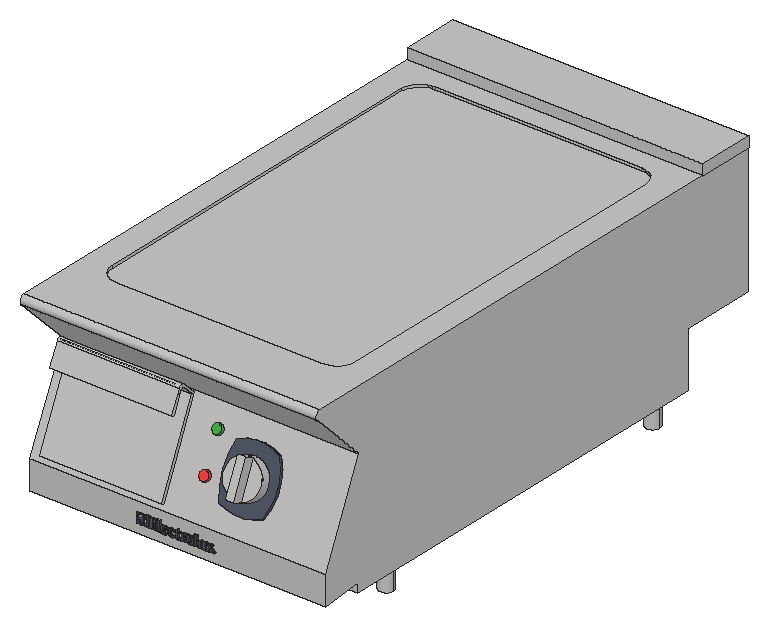
Revit family "QF_ELECTROLUXPROFESSIONAL_Professional_371321_E7IIKIAOMCA", category Specialty Equipment, Revit 2018
Family settings
  Round Connector Dimension = Use Diameter
  Part Type = Normal
  Work Plane-Based = No
  Always vertical = Yes
  Cut with Voids When Loaded = No
  Shared = No
  Room Calculation Point = No
Parameters
  Width = 400.05 mm  # constant formula
  Weight in Pounds = 104  # constant formula
  Watts = 3900 VA  # 3900 W
  Volts = 230 V  # constant formula
  URL Cutsheet = "www.electrolux.com/foodservice"
  URL = "www.electrolux.com/foodservice"
  Type Mark [instance] = ""
  Status [instance] = ""
  Specification by User [instance] = ""
  Specification by Manufacturer = ""
  Show Logo [instance] = yes
  Show Clearance [instance] = yes
  Serial Number = ""
  Seismic Rating = ""
  SMACNA No = ""
  Revision Code [instance] = ""
  Phase = 3  # constant formula
  Omniclass Number and Title = ""
  Number of Poles [instance] = 1
  NAFEM Spec ID Number = ""
  Model = "371198"
  Min Ckt Ampacity = 0 A
  Max Overcurrent Protection = 0 A
  Masterspec = ""
  Manufacturer = "ELECTROLUX"
  Item Number [instance] = ""
  Installed By [instance] = ""
  Identify Quantity as Lot [instance] = yes
  Height = 289 mm  # constant formula
  HP = "5.2 HP"
  Furnished By [instance] = ""
  Foodservice Equipment Identifier [instance] = yes
  FL Amps = if(Phase = 3, Watts / (Volts * 1.73), Watts / Volts)  # 9.80146 A
  Electrical Remarks [instance] = "230 V/3 ph/50/60 Hz"  # constant formula
  Electric Connection Type [instance] = ""
  Elec Conn RI Height [instance] = 0 mm
  Elec Conn Connection Height [instance] = 0 mm
  Direct Waste Size = 0"
  Description = "700XP Half Module Electric Fry Top, Smooth Plate, Mild Steel - 230V"
  Depth = 730.25 mm  # constant formula
  Cycle [instance] = if([60 Hertz Option], 60 Hz, 50 Hz)  # 60 Hz
  Conn Plug = ""
  Conn Conduit = yes
  CSI MasterFormat = ""
  CSI Master Format = ""
  Base Height [instance] = 25.4 mm  # constant formula
  Apparent Power = if(Phase = 3, Volts * FL Amps * 1.73, Volts * FL Amps)  # 3900 VA
  60 Hertz Option [instance] = not([50 Hertz Option])  # yes
  50 Hertz Option [instance] = no
Reference planes
  plane 1 "BACK": y = 0
  plane 2: z = 0
  plane 3 "LEFT": x = 0
  plane 4 "RIGHT": x = 400.05
  plane 5 "FRONT": y = -730.25
  plane 6 "TOP": z = 289
  plane 7 "Center Y": x = 200.025
  plane 8 "Center X": y = -365.125
  plane 9 "BASE": z = 25.4
  plane 10: y = -597.884
  plane 11: y = -147.637
Forms (mm)
  Extrusion 1, solid, material "QF_Finishes_Clearance", visible <- "Show Clearance", detail levels coarse
    sketch origin (0, 0, 0) x (1, 0, 0) y (0, 1, 0)
      loop
        line (0, -730.25) -> (0, 0) -> (400.05, 0) -> (400.05, -730.25) -> (550.069, -730.25) -> (550.069, 150.019) -> (-150.019, 150.019) -> (-150.019, -730.25) -> (0, -730.25)
    from 0 to 289
  Extrusion 2, solid, material "QF_Finishes_Stainless Steel"
    sketch origin (0, 0, 0) x (0, 1, 0) y (0, 0, 1)
      loop
        line (0, 275) -> (-723.497, 275)
        arc (-723.497, 275) -> (-729.729, 270.836) -> (-728.267, 263.485) r 6.745
        line (-728.267, 263.485) -> (-657.416, 192.634) -> (-713.772, 70.59) -> (-713.772, 32.49) -> (-660.4, 38.1) -> (-660.4, 25.4) -> (-101.6, 25.4) -> (-101.6, 100.012) -> (0, 100.012) -> (0, 275)
    from 0 to 400.05
  Extrusion 3, void
    sketch origin (0, -2.381, 275.4) x (-1, 0, 0) y (0, -1, 0)
      loop
        arc (-60.425, 102.504) -> (-42.464, 109.943) -> (-35.025, 127.904) r 25.4
        line (-35.025, 127.904) -> (-35.025, 617.104)
        arc (-35.025, 617.104) -> (-42.464, 635.064) -> (-60.425, 642.504) r 25.4
        line (-60.425, 642.504) -> (-339.625, 642.504)
        arc (-339.625, 642.504) -> (-357.586, 635.064) -> (-365.025, 617.104) r 25.4
        line (-365.025, 617.104) -> (-365.025, 127.904)
        arc (-365.025, 127.904) -> (-357.586, 109.943) -> (-339.625, 102.504) r 25.4
        line (-339.625, 102.504) -> (-60.425, 102.504)
    from 0 to -3.2
  Extrusion 4, solid, material "QF_Finishes_Stainless Steel"
    sketch origin (0, 0, 0) x (1, 0, 0) y (0, 1, 0)
      loop
        circle (11.112, -147.638) r 9.525
      loop
        circle (11.112, -597.884) r 9.525
      loop
        circle (388.937, -147.638) r 9.525
      loop
        circle (388.937, -597.884) r 9.525
    from 0 to 25.4
  Extrusion 5, solid, material "QF_Finishes_Navy Blue"
    sketch origin (115.456, -713.772, 70.59) x (0, 0.419232, 0.907879) y (-1, 0, 0)
      loop
        arc (102.26, -132.62) -> (66.843, -125.139) -> (31.333, -132.16) r 90.355
        arc (31.333, -132.16) -> (24.504, -161.269) -> (31.333, -190.378) r 65.456
        arc (31.333, -190.378) -> (66.877, -199.452) -> (102.26, -189.765) r 71.728
        arc (102.26, -189.765) -> (108.852, -161.193) -> (102.26, -132.62) r 65.22
    from 0 to 3.175
  Extrusion 6, solid, material "QF_Finishes_Stainless Steel"
    sketch origin (115.456, -717.486, 70.121) x (0, 0.419232, 0.907879) y (-1, 0, 0)
      loop
        circle (68.826, -160.963) r 25.4
    from 0 to 12.7
  Extrusion 7, solid, material "QF_Finishes_Stainless Steel"
    sketch origin (115.456, -729.016, 75.445) x (0, 0.419232, 0.907879) y (-1, 0, 0)
      loop
        arc (93.558, -166.749) -> (94.226, -160.963) -> (93.558, -155.177) r 25.4
        line (93.558, -155.177) -> (44.094, -155.177)
        arc (44.094, -155.177) -> (43.426, -160.963) -> (44.094, -166.749) r 25.4
        line (44.094, -166.749) -> (93.558, -166.749)
    from 0 to 12.7
  Extrusion 8, solid, material "QF_Finishes_Navy Blue", visible <- "Show Logo"
    sketch origin (-142.26, -713.772, 37.253) x (0, 0, 1) y (-1, 0, 0)
      loop
        line (20.674, -296.698) -> (8.307, -296.698)
        arc (8.307, -296.698) -> (14.491, -301.27) -> (20.674, -296.698) r 6.467
      loop
        arc (20.674, -296.069) -> (19.505, -290.926) -> (14.849, -288.448) r 6.338
        line (14.849, -288.448) -> (14.849, -290.494)
        arc (14.849, -290.494) -> (16.333, -294.149) -> (19.778, -296.069) r 5.941
        line (19.778, -296.069) -> (20.674, -296.069)
      loop
        arc (9.203, -296.069) -> (12.648, -294.149) -> (14.132, -290.494) r 5.941
        line (14.132, -290.494) -> (14.132, -288.448)
        arc (14.132, -288.448) -> (9.438, -290.922) -> (8.148, -296.069) r 6.504
        line (8.148, -296.069) -> (9.203, -296.069)
      loop
        line (21.349, -287.979) -> (7.604, -287.979) -> (7.604, -301.742) -> (21.349, -301.742) -> (21.349, -287.979)
      loop
        arc (21.432, -304.71) -> (21.085, -304.352) -> (20.718, -304.69) r 0.358
        arc (20.718, -304.69) -> (20.404, -305.44) -> (19.687, -305.825) r 1.216
        line (19.687, -305.825) -> (9.274, -305.825)
        arc (9.274, -305.825) -> (8.614, -305.548) -> (8.218, -304.951) r 1.238
        arc (8.218, -304.951) -> (7.823, -304.7) -> (7.518, -305.054) r 0.358
        line (7.518, -305.054) -> (7.518, -314.933) -> (10.269, -314.933) -> (10.269, -314.036)
        arc (10.269, -314.036) -> (9.36, -313.456) -> (8.904, -312.479) r 1.928
        line (8.904, -312.479) -> (8.904, -309.98)
        arc (8.904, -309.98) -> (9.18, -309.251) -> (9.868, -308.887) r 1.101
        line (9.868, -308.887) -> (13.955, -308.887) -> (13.955, -312.561)
        arc (13.955, -312.561) -> (13.602, -313.058) -> (13.037, -313.286) r 1.083
        arc (13.037, -313.286) -> (12.773, -313.591) -> (13.065, -313.869) r 0.292
        line (13.065, -313.869) -> (16.028, -313.869)
        arc (16.028, -313.869) -> (16.33, -313.596) -> (16.092, -313.266) r 0.305
        arc (16.092, -313.266) -> (15.601, -313.018) -> (15.296, -312.561) r 1.083
        line (15.296, -312.561) -> (15.296, -308.887) -> (19.973, -308.887) -> (19.973, -312.635)
        arc (19.973, -312.635) -> (19.759, -313.39) -> (19.153, -313.888) r 1.314
        arc (19.153, -313.888) -> (18.934, -314.292) -> (19.288, -314.585) r 0.361
        line (19.288, -314.585) -> (21.432, -314.585) -> (21.432, -304.71)
      loop
        arc (20.715, -315.365) -> (20.335, -316.284) -> (19.416, -316.664) r 1.299
        line (19.416, -316.664) -> (9.837, -316.664)
        arc (9.837, -316.664) -> (8.999, -316.286) -> (8.728, -315.408) r 1.118
        line (8.728, -315.408) -> (7.518, -315.408) -> (7.518, -320.758) -> (8.706, -320.758)
        arc (8.706, -320.758) -> (8.978, -319.841) -> (9.848, -319.445) r 1.153
        line (9.848, -319.445) -> (21.92, -319.445) -> (20.715, -315.365)
      loop
        line (12.483, -323.394) -> (12.483, -329.842) -> (13.282, -329.842)
        arc (13.282, -329.842) -> (15.862, -328.857) -> (17.131, -326.404) r 3.874
        line (17.131, -326.404) -> (17.131, -324.643)
        arc (17.131, -324.643) -> (15.944, -321.778) -> (13.08, -320.592) r 4.051
        line (13.08, -320.592) -> (11.072, -320.592)
        arc (11.072, -320.592) -> (8.253, -322.077) -> (7.202, -325.084) r 4.352
        arc (7.202, -325.084) -> (7.566, -327.547) -> (8.943, -329.621) r 5.713
        line (8.943, -329.621) -> (9.892, -329.621)
        arc (9.892, -329.621) -> (9.16, -328.052) -> (8.943, -326.334) r 5.579
        arc (8.943, -326.334) -> (9.737, -324.371) -> (11.616, -323.394) r 3.057
        line (11.616, -323.394) -> (12.483, -323.394)
      loop
        line (13.742, -323.394) -> (13.742, -326.977)
        arc (13.742, -326.977) -> (15.199, -327.024) -> (16.082, -325.864) r 1.59
        line (16.082, -325.864) -> (16.082, -325.034)
        arc (16.082, -325.034) -> (15.217, -323.779) -> (13.742, -323.394) r 2.184
      loop
        arc (16.533, -339.259) -> (17.022, -337.585) -> (17.179, -335.848) r 9.023
        line (17.179, -335.848) -> (17.179, -334.486)
        arc (17.179, -334.486) -> (16.02, -331.686) -> (13.22, -330.527) r 3.959
        line (13.22, -330.527) -> (10.62, -330.527)
        arc (10.62, -330.527) -> (8.338, -331.819) -> (7.221, -334.192) r 4.331
        line (7.221, -334.192) -> (7.221, -336.327)
        arc (7.221, -336.327) -> (7.729, -337.877) -> (8.651, -339.223) r 5.772
        arc (8.651, -339.223) -> (9.412, -339.274) -> (9.499, -338.515) r 0.553
        arc (9.499, -338.515) -> (9.111, -337.781) -> (8.977, -336.962) r 2.573
        line (8.977, -336.962) -> (8.977, -335.447)
        arc (8.977, -335.447) -> (9.983, -333.806) -> (11.798, -333.163) r 2.884
        line (11.798, -333.163) -> (13.077, -333.163)
        arc (13.077, -333.163) -> (14.898, -333.723) -> (15.824, -335.388) r 2.554
        line (15.824, -335.388) -> (15.824, -336.441)
        arc (15.824, -336.441) -> (15.493, -337.369) -> (14.836, -338.104) r 2.564
        arc (14.836, -338.104) -> (14.614, -338.821) -> (15.223, -339.259) r 0.643
        line (15.223, -339.259) -> (16.533, -339.259)
      loop
        line (15.515, -339.53) -> (15.515, -341.031) -> (9.467, -341.031)
        arc (9.467, -341.031) -> (7.879, -341.688) -> (7.221, -343.276) r 2.246
        line (7.221, -343.276) -> (7.221, -344.86)
        arc (7.221, -344.86) -> (7.535, -345.725) -> (8.035, -346.496) r 4.06
        arc (8.035, -346.496) -> (8.768, -346.629) -> (9.019, -345.928) r 0.576
        arc (9.019, -345.928) -> (8.913, -345.403) -> (8.977, -344.87) r 1.69
        arc (8.977, -344.87) -> (9.519, -344.082) -> (10.425, -343.779) r 1.506
        line (10.425, -343.779) -> (15.563, -343.779) -> (15.563, -346.176) -> (16.119, -346.733) -> (16.941, -346.733) -> (16.941, -343.873) -> (20.172, -343.873) -> (15.515, -339.53)
      loop
        line (7.438, -347.63) -> (7.438, -353.017) -> (8.548, -353.017)
        arc (8.548, -353.017) -> (8.942, -352.066) -> (9.893, -351.672) r 1.345
        line (9.893, -351.672) -> (13.509, -351.672)
        arc (13.509, -351.672) -> (14.274, -352.264) -> (14.564, -353.186) r 1.615
        line (14.564, -353.186) -> (14.564, -354.742) -> (17.119, -355.427) -> (17.119, -354.044) -> (15.177, -351.485) -> (17.057, -351.485) -> (16.773, -348.779)
        arc (16.773, -348.779) -> (16.333, -348.249) -> (15.674, -348.45) r 0.621
        arc (15.674, -348.45) -> (15.274, -348.792) -> (14.78, -348.975) r 1.501
        line (14.78, -348.975) -> (9.893, -348.975)
        arc (9.893, -348.975) -> (8.942, -348.581) -> (8.548, -347.63) r 1.345
        line (8.548, -347.63) -> (7.438, -347.63)
      loop
        line (13.54, -354.964) -> (10.848, -354.964)
        arc (10.848, -354.964) -> (8.403, -356.272) -> (7.269, -358.803) r 4.288
        arc (7.269, -358.803) -> (7.205, -360.183) -> (7.269, -361.563) r 15.022
        arc (7.269, -361.563) -> (8.403, -364.094) -> (10.848, -365.401) r 4.288
        line (10.848, -365.401) -> (13.54, -365.401)
        arc (13.54, -365.401) -> (15.986, -364.094) -> (17.119, -361.563) r 4.288
        arc (17.119, -361.563) -> (17.183, -360.183) -> (17.119, -358.803) r 15.022
        arc (17.119, -358.803) -> (15.986, -356.272) -> (13.54, -354.964) r 4.288
      loop
        line (13.745, -358.078) -> (10.643, -358.078)
        arc (10.643, -358.078) -> (8.486, -360.235) -> (10.643, -362.392) r 2.157
        line (10.643, -362.392) -> (13.745, -362.392)
        arc (13.745, -362.392) -> (15.902, -360.235) -> (13.745, -358.078) r 2.157
      loop
        arc (20.726, -365.26) -> (20.355, -366.154) -> (19.461, -366.524) r 1.264
        line (19.461, -366.524) -> (9.597, -366.524)
        arc (9.597, -366.524) -> (8.727, -366.127) -> (8.455, -365.211) r 1.153
        line (8.455, -365.211) -> (7.518, -365.211) -> (7.518, -370.319) -> (8.446, -370.319)
        arc (8.446, -370.319) -> (8.805, -369.547) -> (9.597, -369.232) r 1.153
        line (9.597, -369.232) -> (21.92, -369.232) -> (20.726, -365.26)
      loop
        arc (15.846, -369.857) -> (15.647, -370.921) -> (14.678, -371.403) r 1.215
        line (14.678, -371.403) -> (9.658, -371.403)
        arc (9.658, -371.403) -> (8.043, -372.051) -> (7.322, -373.634) r 2.338
        line (7.322, -373.634) -> (7.322, -375.148)
        arc (7.322, -375.148) -> (7.497, -376.152) -> (7.999, -377.038) r 2.979
        line (7.999, -377.038) -> (7.518, -378.835) -> (7.518, -380.524) -> (16.943, -380.524) -> (16.649, -376.32) -> (15.863, -376.32)
        arc (15.863, -376.32) -> (15.507, -377.156) -> (14.755, -377.665) r 1.605
        line (14.755, -377.665) -> (9.652, -377.665)
        arc (9.652, -377.665) -> (9.232, -376.728) -> (9.159, -375.704) r 2.94
        arc (9.159, -375.704) -> (9.72, -374.603) -> (10.873, -374.16) r 1.724
        line (10.873, -374.16) -> (17.07, -374.16) -> (15.846, -369.857)
      loop
        line (16.874, -381.377) -> (15.202, -383.423) -> (12.028, -385.729) -> (8.572, -382.617)
        arc (8.572, -382.617) -> (8.335, -382.223) -> (8.357, -381.764) r 0.789
        line (8.357, -381.764) -> (7.518, -381.764) -> (7.518, -385.309) -> (8.344, -385.309)
        arc (8.344, -385.309) -> (8.686, -384.947) -> (9.176, -385.039) r 0.52
        line (9.176, -385.039) -> (10.976, -386.51) -> (8.858, -387.886)
        arc (8.858, -387.886) -> (8.457, -387.576) -> (8.37, -387.076) r 0.7
        line (8.37, -387.076) -> (7.518, -387.076) -> (7.518, -393.003) -> (8.405, -393.003)
        arc (8.405, -393.003) -> (8.472, -392.344) -> (8.866, -391.813) r 1.247
        line (8.866, -391.813) -> (13.066, -388.532) -> (15.513, -390.585) -> (16.874, -392.327) -> (16.874, -388.604) -> (15.389, -389.026) -> (13.868, -387.749) -> (15.568, -386.559) -> (16.874, -387.336) -> (16.874, -381.377)
    from 0 to 1.644
  Extrusion 9, solid, material "QF_Finishes_Stainless Steel"
    sketch origin (0, -101.6, 100.012) x (0, 0, -1) y (-1, 0, 0)
      loop
        circle (39.612, -348.05) r 12.7
    from 0 to 3.175
  Extrusion 10, solid, material "QF_Finishes_Stainless Steel"
    sketch origin (0, 0, 0) x (0, 1, 0) y (0, 0, 1)
      loop
        line (-658.831, 189.959) -> (-675.238, 206.366)
        arc (-675.238, 206.366) -> (-679.705, 207.768) -> (-683.409, 204.904) r 5.058
        line (-683.409, 204.904) -> (-696.071, 177.394) -> (-693.187, 176.066) -> (-680.525, 203.576)
        arc (-680.525, 203.576) -> (-679.146, 204.643) -> (-677.483, 204.121) r 1.883
        line (-677.483, 204.121) -> (-662.64, 189.278) -> (-713.474, 78.833) -> (-710.589, 77.505) -> (-658.831, 189.959)
    from 12.7 to 177.8
  Extrusion 11, solid, material "QF_Finishes_Drawer Clearance", visible <- "Show Clearance", detail levels coarse
    sketch origin (0, -101.6, 0) x (0, 1, 0) y (0, 0, 1)
      loop
        line (-660.751, 176.066) -> (-648.089, 203.576)
        arc (-648.089, 203.576) -> (-646.71, 204.643) -> (-645.046, 204.121) r 1.883
        line (-645.046, 204.121) -> (-630.204, 189.278) -> (-681.037, 78.833) -> (-678.153, 77.505) -> (-608.989, 77.505) -> (-557.231, 189.959) -> (-573.638, 206.366)
        arc (-573.638, 206.366) -> (-574.873, 207.273) -> (-576.323, 207.768) r 5.058
        line (-576.323, 207.768) -> (-647.269, 207.768)
        arc (-647.269, 207.768) -> (-649.472, 206.79) -> (-650.973, 204.904) r 5.058
        line (-650.973, 204.904) -> (-663.635, 177.394) -> (-660.751, 176.066)
    from 12.7 to 177.8
  Extrusion 12, solid, material "QF_Finishes_Green"
    sketch origin (129.198, -709.817, 79.155) x (0, 0.419232, 0.907879) y (-1, 0, 0)
      loop
        circle (94.749, -90.848) r 6.35
    from 0 to 3.175
  Extrusion 13, solid, material "QF_Finishes_Red"
    sketch origin (129.198, -731.78, 31.593) x (0, 0.419232, 0.907879) y (-1, 0, 0)
      loop
        circle (95.112, -90.848) r 6.35
    from 0 to 3.175
  Extrusion 14, solid, material "QF_Finishes_Stainless Steel"
    sketch origin (0, 0, 0) x (0, 1, 0) y (0, 0, 1)
      loop
        line (0, 274.638) -> (0, 288.925) -> (-76.2, 288.925) -> (-76.2, 274.638) -> (0, 274.638)
    from 0 to 400.05
Cuts and joins
  Extrusion 3 cuts Extrusion 1
  Extrusion 3 cuts Extrusion 2
Lines and regions (mm)
  symbolic lines, style "QF-Clearances", visible <- "Show Clearance", detail levels coarse
    curve 1: line (-150.019, 150.019, 276.225) -> (-150.019, -730.25, 276.225)
    curve 2: line (550.069, 150.019, 276.225) -> (-150.019, 150.019, 276.225)
    curve 3: line (550.069, -730.25, 276.225) -> (550.069, 150.019, 276.225)
  symbolic lines
    curve 4: line (0, 0, 276.225) -> (400.05, 0, 276.225)
    curve 5: line (0, -730.25, 276.225) -> (0, 0, 276.225)
    curve 6: line (400.05, 0, 276.225) -> (400.05, -730.25, 276.225)
    curve 7: line (35.025, -130.285, 276.225) -> (35.025, -619.485, 276.225)
    curve 8: arc (35.025, -619.485, 276.225) -> (42.464, -637.445, 276.225) -> (60.425, -644.885, 276.225) r 25.4
    curve 9: arc (339.625, -644.885, 276.225) -> (357.586, -637.445, 276.225) -> (365.025, -619.485, 276.225) r 25.4
    curve 10: line (365.025, -619.485, 276.225) -> (365.025, -130.285, 276.225)
    curve 11: line (339.625, -104.885, 276.225) -> (60.425, -104.885, 276.225)
    curve 12: line (0, -69.85, 276.225) -> (400.05, -69.85, 276.225)
    curve 13: line (400.05, -730.25, 276.225) -> (0, -730.25, 276.225)
    curve 14: arc (60.425, -104.885, 276.225) -> (42.464, -112.324, 276.225) -> (35.025, -130.285, 276.225) r 25.4
    curve 15: arc (339.625, -104.885, 276.225) -> (357.586, -112.324, 276.225) -> (365.025, -130.285, 276.225) r 25.4
    curve 16: line (60.425, -644.885, 276.225) -> (339.625, -644.885, 276.225)
  symbolic lines, style "QF_Drawer Clearance", visible <- "Show Clearance", detail levels coarse
    curve 17: line (12.7, -730.25, 276.225) -> (12.7, -782.637, 276.225)
    curve 18: line (12.7, -782.637, 276.225) -> (177.8, -782.637, 276.225)
    curve 19: line (177.8, -782.637, 276.225) -> (177.8, -730.25, 276.225)
Dimensions and locks
  equal spacing: plane 3 "LEFT", plane 7 "Center Y", plane 4 "RIGHT"
  "Width": plane 3 "LEFT" to plane 4 "RIGHT"
  equal spacing: plane 5 "FRONT", plane 8 "Center X", plane 1 "BACK"
  "Depth": plane 5 "FRONT" to plane 1 "BACK"
  plane 1 "BACK" to plane 5 "FRONT" = 730.25 mm
  "Base Height": plane 9 "BASE" to level
  plane 9 "BASE" to level = 25.4 mm
  "Height": plane 6 "TOP" to level
  plane 4 "RIGHT" to Extrusion 9 sketch curve = 52 mm
  Extrusion 9 sketch curve to plane 9 "BASE" = 35 mm
  aligned and locked: level to plane 2
  aligned and locked: plane 6 "TOP" to Extrusion 1
Automatic sketch dimensions
  plane 1 "BACK" to Extrusion 1 sketch curve = 0 mm
  Extrusion 1 sketch curve to plane 3 "LEFT" = 0 mm
  Extrusion 1 sketch curve to plane 4 "RIGHT" = 0 mm
  Extrusion 1 sketch curve to plane 3 "LEFT" = 150.019 mm
  plane 5 "FRONT" to Extrusion 1 sketch curve = 0 mm  (x2)
  plane 4 "RIGHT" to Extrusion 1 sketch curve = 150.019 mm
  Extrusion 1 sketch curve to plane 1 "BACK" = 150.019 mm
  Extrusion 3 sketch curve to plane 4 "RIGHT" = 35.025 mm
  Extrusion 3 sketch curve to Extrusion 3 sketch curve = 25.4 mm  (x3)
  Extrusion 3 sketch curve to plane 11 = 17.353 mm
  plane 3 "LEFT" to Extrusion 3 sketch curve = 60.425 mm  (x2)
  plane 10 to Extrusion 3 sketch curve = 21.6 mm
  plane 10 to Extrusion 4 sketch curve = 0 mm  (x2)
  plane 11 to Extrusion 4 sketch curve = 0 mm  (x2)
  plane 3 "LEFT" to Extrusion 4 sketch curve = 11.112 mm  (x2)
  Extrusion 4 sketch curve to plane 4 "RIGHT" = 11.113 mm  (x2)
  Extrusion 5 sketch curve to Extrusion 2 = 31.333 mm  (x2)
  Extrusion 5 sketch curve to Extrusion 5 sketch curve = 12.3 mm  (x3)
  Extrusion 5 sketch curve to Extrusion 5 sketch curve = 34.925 mm  (x2)
  Extrusion 5 sketch curve to Extrusion 5 sketch curve = 23.703 mm
  Extrusion 2 to Extrusion 5 sketch curve = 69.101 mm
  Extrusion 5 sketch curve to Extrusion 5 sketch curve = 25.114 mm
  Extrusion 5 sketch curve to Extrusion 5 sketch curve = 25.727 mm
  Extrusion 5 sketch curve to Extrusion 5 sketch curve = 28.496 mm
  Extrusion 7 sketch curve to Extrusion 7 sketch curve = 24.732 mm
  Extrusion 7 sketch curve to Extrusion 7 sketch curve = 0 mm
  Extrusion 8 sketch curve to Extrusion 2 = 6.923 mm
  Extrusion 8 sketch curve to Extrusion 2 = 11.964 mm
  Extrusion 8 sketch curve to Extrusion 2 = 11.983 mm
  Extrusion 8 sketch curve to Extrusion 8 sketch curve = 0 mm  (x28)
  Extrusion 8 sketch curve to Extrusion 8 sketch curve = 5.108 mm  (x2)
  Extrusion 8 sketch curve to Extrusion 2 = 12.085 mm
  Extrusion 8 sketch curve to Extrusion 8 sketch curve = 0.218 mm
  Extrusion 8 sketch curve to Extrusion 8 sketch curve = 0.195 mm
  Extrusion 8 sketch curve to Extrusion 8 sketch curve = 0.249 mm
  Extrusion 8 sketch curve to Extrusion 2 = 12.28 mm
  Extrusion 8 sketch curve to Extrusion 8 sketch curve = 0.087 mm
  Extrusion 8 sketch curve to Extrusion 8 sketch curve = 0.358 mm
  Extrusion 8 sketch curve to Extrusion 8 sketch curve = 0.481 mm
  Extrusion 8 sketch curve to Extrusion 8 sketch curve = 0.597 mm
  Extrusion 8 sketch curve to Extrusion 8 sketch curve = 0.544 mm
  Extrusion 8 sketch curve to Extrusion 8 sketch curve = 0.936 mm
  Extrusion 8 sketch curve to Extrusion 8 sketch curve = 0.594 mm
  Extrusion 8 sketch curve to Extrusion 8 sketch curve = 0.343 mm
  Extrusion 8 sketch curve to Extrusion 8 sketch curve = 0.159 mm
  Extrusion 8 sketch curve to Extrusion 8 sketch curve = 0.826 mm
  Extrusion 8 sketch curve to Extrusion 8 sketch curve = 0.839 mm
  Extrusion 8 sketch curve to Extrusion 8 sketch curve = 0.852 mm
  Extrusion 8 sketch curve to Extrusion 8 sketch curve = 0.887 mm
  Extrusion 8 sketch curve to Extrusion 8 sketch curve = 0.928 mm
  Extrusion 8 sketch curve to Extrusion 8 sketch curve = 0.938 mm
  Extrusion 8 sketch curve to Extrusion 8 sketch curve = 0.444 mm
  Extrusion 8 sketch curve to Extrusion 8 sketch curve = 1.11 mm  (x3)
  Extrusion 8 sketch curve to Extrusion 8 sketch curve = 0.215 mm
  Extrusion 8 sketch curve to Extrusion 8 sketch curve = 1.43 mm
  Extrusion 8 sketch curve to Extrusion 8 sketch curve = 1.188 mm
  Extrusion 8 sketch curve to Extrusion 8 sketch curve = 1.21 mm  (x2)
  Extrusion 8 sketch curve to Extrusion 8 sketch curve = 0.503 mm
  Extrusion 8 sketch curve to Extrusion 8 sketch curve = 0.488 mm
  Extrusion 8 sketch curve to Extrusion 8 sketch curve = 0.462 mm
  Extrusion 8 sketch curve to Extrusion 8 sketch curve = 1.386 mm
  Extrusion 8 sketch curve to Extrusion 8 sketch curve = 1.742 mm  (x2)
  Extrusion 8 sketch curve to Extrusion 8 sketch curve = 0.821 mm
  Extrusion 8 sketch curve to Extrusion 8 sketch curve = 0.497 mm
  Extrusion 8 sketch curve to Extrusion 8 sketch curve = 0.539 mm
  Extrusion 8 sketch curve to Extrusion 8 sketch curve = 0.686 mm
  Extrusion 8 sketch curve to Extrusion 8 sketch curve = 0.408 mm
  Extrusion 8 sketch curve to Extrusion 8 sketch curve = 0.743 mm
  Extrusion 8 sketch curve to Extrusion 8 sketch curve = 1.16 mm
  Extrusion 8 sketch curve to Extrusion 8 sketch curve = 0.329 mm
  Extrusion 8 sketch curve to Extrusion 8 sketch curve = 1.054 mm
  Extrusion 8 sketch curve to Extrusion 8 sketch curve = 1.056 mm
  Extrusion 8 sketch curve to Extrusion 8 sketch curve = 0.129 mm
  Extrusion 8 sketch curve to Extrusion 8 sketch curve = 0.489 mm
  Extrusion 8 sketch curve to Extrusion 8 sketch curve = 0.441 mm
  Extrusion 8 sketch curve to Extrusion 8 sketch curve = 1.151 mm
  Extrusion 8 sketch curve to Extrusion 8 sketch curve = 1.141 mm  (x2)
  Extrusion 8 sketch curve to Extrusion 8 sketch curve = 0.768 mm
  Extrusion 8 sketch curve to Extrusion 8 sketch curve = 1.653 mm
  Extrusion 8 sketch curve to Extrusion 8 sketch curve = 0.499 mm
  Extrusion 8 sketch curve to Extrusion 8 sketch curve = 0.964 mm
  Extrusion 8 sketch curve to Extrusion 8 sketch curve = 0.949 mm
  Extrusion 8 sketch curve to Extrusion 8 sketch curve = 1.345 mm  (x3)
  Extrusion 8 sketch curve to Extrusion 8 sketch curve = 1.101 mm
  Extrusion 8 sketch curve to Extrusion 8 sketch curve = 0.432 mm
  Extrusion 8 sketch curve to Extrusion 8 sketch curve = 1.142 mm
  Extrusion 8 sketch curve to Extrusion 8 sketch curve = 0.959 mm
  Extrusion 8 sketch curve to Extrusion 8 sketch curve = 0.176 mm
  Extrusion 8 sketch curve to Extrusion 8 sketch curve = 0.728 mm
  Extrusion 8 sketch curve to Extrusion 8 sketch curve = 3.375 mm  (x2)
  Extrusion 8 sketch curve to Extrusion 8 sketch curve = 0.541 mm
  Extrusion 8 sketch curve to Extrusion 8 sketch curve = 0.955 mm
  Extrusion 8 sketch curve to Extrusion 8 sketch curve = 1.251 mm
  Extrusion 8 sketch curve to Extrusion 8 sketch curve = 0.572 mm
  Extrusion 8 sketch curve to Extrusion 8 sketch curve = 1.92 mm
  Extrusion 8 sketch curve to Extrusion 8 sketch curve = 1.224 mm
  Extrusion 8 sketch curve to Extrusion 8 sketch curve = 0.745 mm
  Extrusion 8 sketch curve to Extrusion 8 sketch curve = 2.537 mm
  Extrusion 8 sketch curve to Extrusion 8 sketch curve = 0.896 mm  (x3)
  Extrusion 8 sketch curve to Extrusion 8 sketch curve = 0.036 mm
  Extrusion 8 sketch curve to Extrusion 8 sketch curve = 2.607 mm
  Extrusion 8 sketch curve to Extrusion 8 sketch curve = 0.066 mm
  Extrusion 8 sketch curve to Extrusion 8 sketch curve = 0.248 mm
  Extrusion 8 sketch curve to Extrusion 8 sketch curve = 0.449 mm
  Extrusion 8 sketch curve to Extrusion 8 sketch curve = 1.052 mm
  Extrusion 8 sketch curve to Extrusion 8 sketch curve = 1.863 mm
  Extrusion 8 sketch curve to Extrusion 8 sketch curve = 1.31 mm  (x2)
  Extrusion 8 sketch curve to Extrusion 8 sketch curve = 0.901 mm
  Extrusion 8 sketch curve to Extrusion 8 sketch curve = 1.107 mm
  Extrusion 8 sketch curve to Extrusion 8 sketch curve = 2.122 mm
  Extrusion 8 sketch curve to Extrusion 8 sketch curve = 2.101 mm
  Extrusion 8 sketch curve to Extrusion 8 sketch curve = 0.106 mm
  Extrusion 8 sketch curve to Extrusion 8 sketch curve = 0.029 mm
  Extrusion 8 sketch curve to Extrusion 8 sketch curve = 2.09 mm
  Extrusion 8 sketch curve to Extrusion 8 sketch curve = 1.279 mm
  Extrusion 8 sketch curve to Extrusion 8 sketch curve = 2.008 mm
  Extrusion 8 sketch curve to Extrusion 8 sketch curve = 0.738 mm
  Extrusion 8 sketch curve to Extrusion 8 sketch curve = 0.382 mm
  Extrusion 8 sketch curve to Extrusion 8 sketch curve = 0.384 mm
  Extrusion 8 sketch curve to Extrusion 8 sketch curve = 0.002 mm
  Extrusion 8 sketch curve to Extrusion 8 sketch curve = 0.561 mm
  Extrusion 8 sketch curve to Extrusion 8 sketch curve = 0.592 mm
  Extrusion 8 sketch curve to Extrusion 8 sketch curve = 2.692 mm
  Extrusion 8 sketch curve to Extrusion 8 sketch curve = 1.259 mm
  Extrusion 8 sketch curve to Extrusion 8 sketch curve = 0.802 mm
  Extrusion 8 sketch curve to Extrusion 8 sketch curve = 1.024 mm
  Extrusion 8 sketch curve to Extrusion 8 sketch curve = 0.682 mm
  Extrusion 8 sketch curve to Extrusion 8 sketch curve = 5.934 mm
  Extrusion 8 sketch curve to Extrusion 8 sketch curve = 2.186 mm
  Extrusion 8 sketch curve to Extrusion 8 sketch curve = 0.337 mm
  Extrusion 8 sketch curve to Extrusion 8 sketch curve = 0.021 mm
  Extrusion 8 sketch curve to Extrusion 8 sketch curve = 1.005 mm
  Extrusion 8 sketch curve to Extrusion 8 sketch curve = 0.552 mm
  Extrusion 8 sketch curve to Extrusion 8 sketch curve = 0.778 mm
  Extrusion 8 sketch curve to Extrusion 8 sketch curve = 0.063 mm
  Extrusion 8 sketch curve to Extrusion 8 sketch curve = 1.023 mm
  Extrusion 8 sketch curve to Extrusion 8 sketch curve = 3.804 mm
  Extrusion 8 sketch curve to Extrusion 8 sketch curve = 0.486 mm
  Extrusion 8 sketch curve to Extrusion 8 sketch curve = 0.266 mm
  Extrusion 8 sketch curve to Extrusion 8 sketch curve = 1.547 mm
  Extrusion 8 sketch curve to Extrusion 8 sketch curve = 0.717 mm  (x2)
  Extrusion 8 sketch curve to Extrusion 8 sketch curve = 1.667 mm
  Extrusion 8 sketch curve to Extrusion 8 sketch curve = 3.174 mm
  Extrusion 8 sketch curve to Extrusion 8 sketch curve = 0.388 mm
  Extrusion 8 sketch curve to Extrusion 8 sketch curve = 1.342 mm
  Extrusion 8 sketch curve to Extrusion 8 sketch curve = 1.521 mm
  Extrusion 8 sketch curve to Extrusion 8 sketch curve = 0.124 mm
  Extrusion 8 sketch curve to Extrusion 8 sketch curve = 0.291 mm
  Extrusion 8 sketch curve to Extrusion 8 sketch curve = 1.049 mm  (x2)
  Extrusion 8 sketch curve to Extrusion 8 sketch curve = 1.7 mm
  Extrusion 8 sketch curve to Extrusion 8 sketch curve = 0.894 mm
  Extrusion 8 sketch curve to Extrusion 8 sketch curve = 0.989 mm
  Extrusion 8 sketch curve to Extrusion 8 sketch curve = 1.168 mm
  Extrusion 8 sketch curve to Extrusion 8 sketch curve = 1.594 mm
  Extrusion 8 sketch curve to Extrusion 8 sketch curve = 0.731 mm
  Extrusion 8 sketch curve to Extrusion 8 sketch curve = 1.566 mm
  Extrusion 8 sketch curve to Extrusion 8 sketch curve = 0.064 mm
  Extrusion 8 sketch curve to Extrusion 8 sketch curve = 0.556 mm  (x2)
  Extrusion 8 sketch curve to Extrusion 8 sketch curve = 0.48 mm
  Extrusion 8 sketch curve to Extrusion 8 sketch curve = 0.228 mm
  Extrusion 8 sketch curve to Extrusion 8 sketch curve = 1.018 mm
  Extrusion 8 sketch curve to Extrusion 8 sketch curve = 0.787 mm
  Extrusion 8 sketch curve to Extrusion 8 sketch curve = 0.618 mm
  Extrusion 8 sketch curve to Extrusion 8 sketch curve = 1.672 mm
  Extrusion 8 sketch curve to Extrusion 8 sketch curve = 1.361 mm
  Extrusion 8 sketch curve to Extrusion 8 sketch curve = 0.822 mm
  Extrusion 8 sketch curve to Extrusion 8 sketch curve = 0.069 mm
  Extrusion 8 sketch curve to Extrusion 8 sketch curve = 1.88 mm
  Extrusion 8 sketch curve to Extrusion 8 sketch curve = 0.42 mm
  Extrusion 8 sketch curve to Extrusion 8 sketch curve = 0.062 mm
  Extrusion 8 sketch curve to Extrusion 8 sketch curve = 1.355 mm
  Extrusion 8 sketch curve to Extrusion 8 sketch curve = 2.34 mm
  Extrusion 8 sketch curve to Extrusion 8 sketch curve = 0.493 mm
  Extrusion 8 sketch curve to Extrusion 8 sketch curve = 0.136 mm
  Extrusion 8 sketch curve to Extrusion 8 sketch curve = 0.128 mm
  Extrusion 8 sketch curve to Extrusion 8 sketch curve = 3.616 mm
  Extrusion 8 sketch curve to Extrusion 8 sketch curve = 4.207 mm
  Extrusion 8 sketch curve to Extrusion 8 sketch curve = 0.183 mm
  Extrusion 8 sketch curve to Extrusion 8 sketch curve = 0.895 mm
  Extrusion 8 sketch curve to Extrusion 8 sketch curve = 1.314 mm
  Extrusion 8 sketch curve to Extrusion 8 sketch curve = 3.231 mm
  Extrusion 8 sketch curve to Extrusion 8 sketch curve = 1.299 mm
  Extrusion 8 sketch curve to Extrusion 8 sketch curve = 1.214 mm
  Extrusion 8 sketch curve to Extrusion 8 sketch curve = 1.264 mm
  Extrusion 8 sketch curve to Extrusion 8 sketch curve = 0.109 mm
  Extrusion 8 sketch curve to Extrusion 8 sketch curve = 0.357 mm
  Extrusion 8 sketch curve to Extrusion 8 sketch curve = 0.565 mm
  Extrusion 8 sketch curve to Extrusion 8 sketch curve = 2.504 mm
  Extrusion 8 sketch curve to Extrusion 8 sketch curve = 2.459 mm
  Extrusion 2 to Extrusion 8 sketch curve = 149.307 mm
  Extrusion 8 sketch curve to Extrusion 8 sketch curve = 0.208 mm
  Extrusion 8 sketch curve to Extrusion 8 sketch curve = 0.468 mm  (x2)
  Extrusion 8 sketch curve to Extrusion 8 sketch curve = 1.559 mm
  Extrusion 8 sketch curve to Extrusion 8 sketch curve = 0.422 mm  (x2)
  Extrusion 8 sketch curve to Extrusion 8 sketch curve = 0.494 mm
  Extrusion 8 sketch curve to Extrusion 8 sketch curve = 3.927 mm
  Extrusion 8 sketch curve to Extrusion 8 sketch curve = 0.782 mm
  Extrusion 8 sketch curve to Extrusion 8 sketch curve = 1.268 mm
  Extrusion 8 sketch curve to Extrusion 8 sketch curve = 0.671 mm
  Extrusion 8 sketch curve to Extrusion 8 sketch curve = 0.777 mm
  Extrusion 8 sketch curve to Extrusion 8 sketch curve = 0.704 mm
  Extrusion 8 sketch curve to Extrusion 8 sketch curve = 0.781 mm  (x2)
  Extrusion 8 sketch curve to Extrusion 8 sketch curve = 1.634 mm
  Extrusion 8 sketch curve to Extrusion 8 sketch curve = 0.132 mm
  Extrusion 8 sketch curve to Extrusion 8 sketch curve = 3.136 mm
  Extrusion 8 sketch curve to Extrusion 8 sketch curve = 2.422 mm
  Extrusion 8 sketch curve to Extrusion 8 sketch curve = 0.586 mm
  Extrusion 8 sketch curve to Extrusion 8 sketch curve = 2.046 mm  (x2)
  Extrusion 8 sketch curve to Extrusion 8 sketch curve = 1.241 mm
  Extrusion 8 sketch curve to Extrusion 8 sketch curve = 1.689 mm
  Extrusion 8 sketch curve to Extrusion 8 sketch curve = 2.859 mm
  Extrusion 8 sketch curve to Extrusion 8 sketch curve = 0.627 mm
  Extrusion 8 sketch curve to Extrusion 8 sketch curve = 0.863 mm
  Extrusion 8 sketch curve to Extrusion 8 sketch curve = 0.419 mm
  Extrusion 8 sketch curve to Extrusion 8 sketch curve = 1.514 mm
  Extrusion 8 sketch curve to Extrusion 8 sketch curve = 1.019 mm
  Extrusion 8 sketch curve to Extrusion 8 sketch curve = 0.065 mm
  Extrusion 8 sketch curve to Extrusion 8 sketch curve = 1.215 mm
  Extrusion 8 sketch curve to Extrusion 8 sketch curve = 2.708 mm
  Extrusion 8 sketch curve to Extrusion 8 sketch curve = 1.122 mm
  Extrusion 8 sketch curve to Extrusion 8 sketch curve = 1.153 mm
  Extrusion 8 sketch curve to Extrusion 8 sketch curve = 3.009 mm
  Extrusion 8 sketch curve to Extrusion 8 sketch curve = 0.829 mm  (x2)
  Extrusion 8 sketch curve to Extrusion 8 sketch curve = 0.934 mm
  Extrusion 8 sketch curve to Extrusion 8 sketch curve = 3.376 mm
  Extrusion 8 sketch curve to Extrusion 8 sketch curve = 0.222 mm
  Extrusion 8 sketch curve to Extrusion 8 sketch curve = 1.383 mm
  Extrusion 8 sketch curve to Extrusion 8 sketch curve = 1.556 mm
  Extrusion 8 sketch curve to Extrusion 8 sketch curve = 2.559 mm
  Extrusion 8 sketch curve to Extrusion 8 sketch curve = 2.51 mm
  Extrusion 8 sketch curve to Extrusion 8 sketch curve = 0.131 mm
  Extrusion 8 sketch curve to Extrusion 8 sketch curve = 1.717 mm
  Extrusion 8 sketch curve to Extrusion 8 sketch curve = 1.134 mm
  Extrusion 8 sketch curve to Extrusion 8 sketch curve = 0.366 mm
  Extrusion 8 sketch curve to Extrusion 8 sketch curve = 0.094 mm
  Extrusion 8 sketch curve to Extrusion 8 sketch curve = 1.584 mm
  Extrusion 8 sketch curve to Extrusion 8 sketch curve = 1.501 mm
  Extrusion 8 sketch curve to Extrusion 8 sketch curve = 0.27 mm
  Extrusion 8 sketch curve to Extrusion 8 sketch curve = 1.808 mm
  Extrusion 8 sketch curve to Extrusion 8 sketch curve = 0.643 mm
  Extrusion 8 sketch curve to Extrusion 8 sketch curve = 0.916 mm
  Extrusion 8 sketch curve to Extrusion 8 sketch curve = 0.352 mm
  Extrusion 8 sketch curve to Extrusion 8 sketch curve = 0.458 mm
  Extrusion 8 sketch curve to Extrusion 8 sketch curve = 1.282 mm
  Extrusion 8 sketch curve to Extrusion 8 sketch curve = 1.363 mm
  Extrusion 8 sketch curve to Extrusion 8 sketch curve = 0.685 mm
  Extrusion 8 sketch curve to Extrusion 8 sketch curve = 0.905 mm
  Extrusion 8 sketch curve to Extrusion 8 sketch curve = 2.865 mm
  Extrusion 8 sketch curve to Extrusion 8 sketch curve = 0.472 mm
  Extrusion 8 sketch curve to Extrusion 8 sketch curve = 0.101 mm
  Extrusion 8 sketch curve to Extrusion 8 sketch curve = 0.54 mm
  Extrusion 8 sketch curve to Extrusion 8 sketch curve = 0.02 mm
  Extrusion 8 sketch curve to Extrusion 8 sketch curve = 0.582 mm
  Extrusion 8 sketch curve to Extrusion 8 sketch curve = 0.166 mm
  Extrusion 8 sketch curve to Extrusion 8 sketch curve = 0.16 mm
  Extrusion 8 sketch curve to Extrusion 8 sketch curve = 2.781 mm
  Extrusion 8 sketch curve to Extrusion 8 sketch curve = 1.118 mm
  Extrusion 8 sketch curve to Extrusion 8 sketch curve = 0.613 mm
  Extrusion 8 sketch curve to Extrusion 8 sketch curve = 0.361 mm
  Extrusion 8 sketch curve to Extrusion 8 sketch curve = 0.897 mm
  Extrusion 8 sketch curve to Extrusion 8 sketch curve = 0.167 mm
  Extrusion 8 sketch curve to Extrusion 8 sketch curve = 0.292 mm
  Extrusion 8 sketch curve to Extrusion 8 sketch curve = 0.305 mm
  Extrusion 8 sketch curve to Extrusion 8 sketch curve = 1.557 mm
  Extrusion 8 sketch curve to Extrusion 8 sketch curve = 2.499 mm
  Extrusion 8 sketch curve to Extrusion 8 sketch curve = 3.062 mm
  Extrusion 8 sketch curve to Extrusion 8 sketch curve = 2.968 mm
  Extrusion 8 sketch curve to Extrusion 8 sketch curve = 5.044 mm
  Extrusion 8 sketch curve to Extrusion 8 sketch curve = 0.629 mm  (x2)
  Extrusion 8 sketch curve to Extrusion 8 sketch curve = 1.131 mm
  Extrusion 8 sketch curve to Extrusion 8 sketch curve = 0.137 mm
  Extrusion 8 sketch curve to Extrusion 8 sketch curve = 0.027 mm
  Extrusion 8 sketch curve to Extrusion 8 sketch curve = 2.235 mm
  Extrusion 10 sketch curve to Extrusion 10 sketch curve = 0 mm  (x2)
  Extrusion 10 sketch curve to plane 5 "FRONT" = 16.776 mm
  Extrusion 10 sketch curve to Extrusion 10 sketch curve = 2.884 mm  (x3)
  Extrusion 10 sketch curve to plane 5 "FRONT" = 34.179 mm
  Extrusion 10 sketch curve to Extrusion 10 sketch curve = 12.662 mm
  Extrusion 10 sketch curve to Extrusion 10 sketch curve = 1.711 mm
  Extrusion 10 sketch curve to Extrusion 10 sketch curve = 1.332 mm
  Extrusion 10 sketch curve to Extrusion 10 sketch curve = 2.245 mm
  Extrusion 10 sketch curve to Extrusion 10 sketch curve = 14.843 mm
  Extrusion 10 sketch curve to Extrusion 10 sketch curve = 3.809 mm
  plane 9 "BASE" to Extrusion 10 sketch curve = 52.105 mm
  Extrusion 10 sketch curve to Extrusion 10 sketch curve = 1.327 mm  (x2)
  Extrusion 10 sketch curve to Extrusion 10 sketch curve = 13.211 mm
  Extrusion 10 sketch curve to Extrusion 10 sketch curve = 0.787 mm
  Extrusion 11 sketch curve to Extrusion 11 sketch curve = 0 mm  (x2)
  plane 5 "FRONT" to Extrusion 11 sketch curve = 52.387 mm
  Extrusion 11 sketch curve to Extrusion 11 sketch curve = 2.884 mm  (x3)
  plane 5 "FRONT" to Extrusion 11 sketch curve = 34.985 mm
  plane 5 "FRONT" to Extrusion 11 sketch curve = 22.323 mm
  Extrusion 11 sketch curve to Extrusion 11 sketch curve = 0.82 mm
  Extrusion 11 sketch curve to Extrusion 11 sketch curve = 1.711 mm
  Extrusion 11 sketch curve to Extrusion 11 sketch curve = 1.332 mm
  plane 5 "FRONT" to Extrusion 11 sketch curve = 1.554 mm
  Extrusion 11 sketch curve to plane 5 "FRONT" = 19.661 mm
  Extrusion 11 sketch curve to plane 5 "FRONT" = 51.436 mm
  Extrusion 11 sketch curve to Extrusion 11 sketch curve = 0.891 mm
  Extrusion 11 sketch curve to Extrusion 11 sketch curve = 2.686 mm
  Extrusion 11 sketch curve to Extrusion 11 sketch curve = 16.406 mm
  plane 9 "BASE" to Extrusion 11 sketch curve = 52.105 mm
  Extrusion 11 sketch curve to Extrusion 11 sketch curve = 1.327 mm  (x2)
  Extrusion 11 sketch curve to Extrusion 11 sketch curve = 13.211 mm
  Extrusion 11 sketch curve to Extrusion 11 sketch curve = 0.681 mm
  Extrusion 11 sketch curve to Extrusion 11 sketch curve = 0.787 mm
  Extrusion 11 sketch curve to Extrusion 11 sketch curve = 4.979 mm
  Extrusion 2 to Extrusion 12 sketch curve = 30.245 mm
  Extrusion 2 to Extrusion 12 sketch curve = 180.004 mm
  Extrusion 13 sketch curve to Extrusion 2 = 52.158 mm
  Extrusion 2 to Extrusion 13 sketch curve = 180.004 mm
  Extrusion 14 sketch curve to plane 1 "BACK" = 0 mm
  Extrusion 14 sketch curve to plane 6 "TOP" = 0.075 mm
  Extrusion 14 sketch curve to plane 11 = 71.438 mm
  Extrusion 14 sketch curve to Extrusion 14 sketch curve = 14.288 mm
  Extrusion 2 sketch curve to plane 9 "BASE" = 0 mm
  Extrusion 2 sketch curve to plane 1 "BACK" = 0 mm
  Extrusion 2 sketch curve to plane 11 = 46.038 mm
  plane 10 to Extrusion 2 sketch curve = 59.531 mm
  plane 9 "BASE" to Extrusion 2 sketch curve = 12.7 mm
  plane 10 to Extrusion 2 sketch curve = 62.516 mm
  Extrusion 2 sketch curve to plane 5 "FRONT" = 16.478 mm
  Extrusion 2 sketch curve to plane 5 "FRONT" = 6.753 mm
  Extrusion 2 sketch curve to plane 5 "FRONT" = 1.983 mm
  plane 9 "BASE" to Extrusion 2 sketch curve = 7.09 mm
  Extrusion 2 sketch curve to Extrusion 2 sketch curve = 38.1 mm
  plane 9 "BASE" to Extrusion 2 sketch curve = 74.612 mm
  Extrusion 2 sketch curve to plane 6 "TOP" = 96.366 mm
  Extrusion 2 sketch curve to plane 6 "TOP" = 25.515 mm
  Extrusion 2 sketch curve to Extrusion 2 sketch curve = 4.77 mm
  plane 5 "FRONT" to curve 3 = 0 mm
  curve 12 to plane 4 "RIGHT" = 0 mm
  plane 5 "FRONT" to curve 17 = 0 mm
  plane 1 "BACK" to curve 4 = 0 mm
  curve 4 to plane 3 "LEFT" = 0 mm
  plane 5 "FRONT" to curve 1 = 0 mm
  plane 4 "RIGHT" to curve 3 = 150.019 mm
  curve 15 to plane 4 "RIGHT" = 35.025 mm
  curve 15 to curve 15 = 25.4 mm
  curve 9 to curve 16 = 25.4 mm
  curve 19 to plane 7 "Center Y" = 22.225 mm
  plane 3 "LEFT" to curve 8 = 60.425 mm
  curve 14 to plane 11 = 17.353 mm
  plane 3 "LEFT" to curve 14 = 60.425 mm
  curve 8 to curve 8 = 25.4 mm
  plane 3 "LEFT" to curve 18 = 12.7 mm
  curve 5 to curve 1 = 150.019 mm
  curve 1 to plane 1 "BACK" = 150.019 mm
  curve 12 to curve 14 = 35.035 mm
  plane 10 to curve 10 = 21.6 mm
  curve 19 to curve 18 = 52.387 mm
  radius of Extrusion 4 sketch curve = 9.525 mm  (x4)
  radius of Extrusion 6 sketch curve = 25.4 mm
  radius of Extrusion 7 sketch curve to Extrusion 6 = 0 mm  (x2)
  radius of Extrusion 9 sketch curve = 12.7 mm
  radius of Extrusion 12 sketch curve = 6.35 mm
  radius of Extrusion 13 sketch curve = 6.35 mm
Connectors
  electrical at (348.05, -98.425, 60.4), driven by "Volts", driven by "Watts"
    settings: on Extrusion 9, index 1, voltage 230 V, apparent load 3900 VA, apparent load phase1 0 VA, apparent load phase2 0 VA, apparent load phase3 0 VA, power factor 1, load classification "Other", number of poles 1, system type 30, power factor state 1, is connector primary yes, connector utility no, sub classification motor no, connector description "ELectrical Connection"
